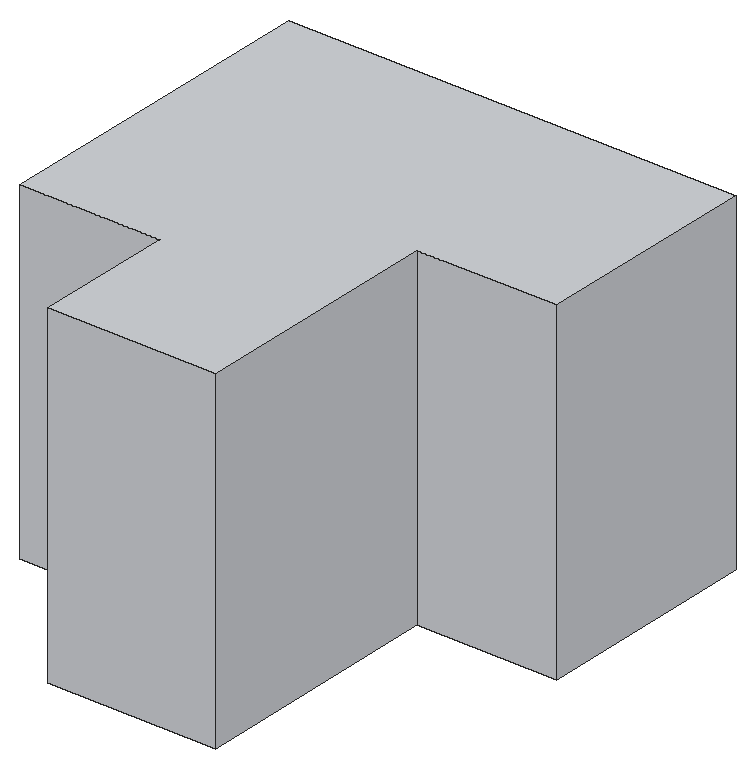
Revit family "2fca81fa127245fc81f0398af9bfb56f", category Duct Fittings, Revit 2021
Family settings
  Round Connector Dimension = Use Diameter
  Part Type = Tee
  OmniClass Number = 23.75.70.14
  OmniClass Title = Air Ductwork
  Seek Item ID = Rectangular Tee - Reducing-0000-USA-ENU
  Work Plane-Based = No
  Always vertical = Yes
  Cut with Voids When Loaded = No
  Shared = No
Parameters (values of type "Standard")
  Offset 1 [instance] = if(Duct Width 1 > Duct Width 2, ((Duct Width 1 / 2 - Duct Width 2 / 2) / 2 + Duct Width 2 / 2), ((Duct Width 2 / 2 - Duct Width 1 / 2) / 2 + Duct Width 1 / 2))  # 5"
  Duct Width 3 [instance] = 6"
  Duct Width 2 [instance] = 8"
  Duct Width 1 [instance] = 12"
  Duct Lenght 3 [instance] = if(Duct Width 1 > Duct Width 2, Duct Width 1, Duct Width 2)  # 12"
  Duct Lenght 2 [instance] = Duct Width 3 / 2 + 0' 5"  # 8"
  Duct Lenght 1 [instance] = Duct Width 3 / 2 + 0' 5"  # 8"
  Duct Height [instance] = 12"
  Default Elevation = 0' - 0"
Reference planes (in)
  plane 1 "Center (Front/Back)": y = 0
  plane 2: z = 0
  plane 3 "Center (Left/Right)": x = 0
  plane 4: y = 5
  plane 5: y = -7
  plane 6: y = -1
  plane 7: x = -8
  plane 8: x = 8
  plane 9: y = -3
  plane 10: y = 1
  plane 11: y = -12
  plane 12: x = -3
  plane 13: x = 3
Forms (in)
  Sweep 1, solid, detail levels medium+fine
    path in 3D
      loop
        line (-8, -1, 0) -> (0, -1, 0)
    profile "Rectangular Duct Profile : Duct - Rectangular 1" origin (-4, -1, 0) x (0, 1, 0) y (0, 0, 1)
      loop
        line (-6, 6) -> (-6, -6) -> (6, -6) -> (6, 6) -> (-6, 6)
  Sweep 2, solid, detail levels medium+fine
    path in 3D
      loop
        line (0, 1, 0) -> (8, 1, 0)
    profile "Rectangular Duct Profile : Duct - Rectangular 2" origin (4, 1, 0) x (0, 1, 0) y (0, 0, 1)
      loop
        line (-4, 6) -> (-4, -6) -> (4, -6) -> (4, 6) -> (-4, 6)
  Sweep 3, solid, detail levels medium+fine
    path in 3D
      loop
        line (0, -1, 0) -> (0, -12, 0)
    profile "Rectangular Duct Profile : Duct - Rectangular 3" origin (0, -6.5, 0) x (1, 0, 0) y (0, 0, 1)
      loop
        line (-3, 6) -> (-3, -6) -> (3, -6) -> (3, 6) -> (-3, 6)
  Sweep 4, solid, detail levels medium+fine
    path in 3D
      loop
        line (0, 1, 0) -> (0, -12, 0)
    profile "Rectangular Duct Profile : Duct - Rectangular 3" origin (0, -5.5, 0) x (1, 0, 0) y (0, 0, 1)
      loop
        line (-3, 6) -> (-3, -6) -> (3, -6) -> (3, 6) -> (-3, 6)
Cuts and joins
  joined: Sweep 1, Sweep 2, Sweep 3, Sweep 4
Lines and regions (in)
  reference lines
    curve 1: line (-8, -1, 0) -> (0, -1, 0)
    curve 2: line (0, 1, 0) -> (8, 1, 0)
    curve 3: line (0, 1, 0) -> (0, -12, 0)
    curve 4: line (0, -1, 0) -> (0, -12, 0)
  sketch lines
    curve 5: line (-8, -1, 0) -> (0, -1, 0)
    curve 6: line (0, 1, 0) -> (8, 1, 0)
    curve 7: line (0, -1, 0) -> (0, -12, 0)
    curve 8: line (0, 1, 0) -> (0, -12, 0)
  model lines, detail levels coarse
    curve 9: line (-8, -1, 0) -> (0, -1, 0)
    curve 10: line (0, 1, 0) -> (8, 1, 0)
    curve 11: line (0, 1, 0) -> (0, -12, 0)
    curve 12: line (0, -1, 0) -> (0, -12, 0)
Dimensions and locks (in)
  "Offset 1": plane 1 "Center (Front/Back)" to plane 4
  "Duct Width 1": plane 4 to plane 5
  equal spacing: plane 4, plane 6, plane 5
  "Duct Lenght 1": plane 7 to plane 3 "Center (Left/Right)"
  "Duct Lenght 2": plane 3 "Center (Left/Right)" to plane 8
  "Duct Width 2": plane 4 to plane 9
  equal spacing: plane 4, plane 10, plane 9
  "Duct Lenght 3": plane 11 to plane 1 "Center (Front/Back)"
  equal spacing: plane 12, plane 3 "Center (Left/Right)", plane 13
  "Duct Width 3": plane 12 to plane 13
  aligned and locked: plane 3 "Center (Left/Right)" to curve 1
  aligned and locked: plane 7 to curve 1
  aligned and locked: curve 1 to plane 6
  aligned and locked: plane 3 "Center (Left/Right)" to curve 2
  aligned and locked: plane 8 to curve 2
  aligned and locked: curve 2 to plane 10
  aligned and locked: plane 11 to curve 3
  aligned and locked: plane 6 to curve 4
  aligned and locked: plane 11 to curve 4
  aligned and locked: curve 4 to plane 3 "Center (Left/Right)"
  aligned and locked: plane 7 to curve 9
  aligned and locked: plane 3 "Center (Left/Right)" to curve 9
  aligned and locked: curve 9 to plane 6
  aligned and locked: plane 8 to curve 10
  aligned and locked: curve 10 to plane 10
  aligned and locked: plane 11 to curve 12
  aligned and locked: plane 6 to curve 12
  aligned and locked: plane 11 to curve 11
  aligned and locked: curve 11 to plane 3 "Center (Left/Right)"
Connectors (in)
  hvac at (-8, -1, 0), driven by "Duct Width 1", driven by "Duct Height"
    settings: on cut or joined group of Sweep 1, Sweep 2, Sweep 3, Sweep 4, index 1, duct flow 0 CFM, flow factor 0, pres drop 0.00 in-wg, loss coef 0, conn angle 0.00°, conn width 12", conn height 12", conn diameter 24", duct sys type 28, conn prof type 1, flow config 0, flow direction 0, loss method 0, conn ref index 2, conn util no, is conn primary yes, conn desc ""
  hvac at (8, 1, 0), driven by "Duct Height", driven by "Duct Width 2"
    settings: on cut or joined group of Sweep 1, Sweep 2, Sweep 3, Sweep 4, index 2, duct flow 0 CFM, flow factor 0, pres drop 0.00 in-wg, loss coef 0, conn angle 0.00°, conn width 8", conn height 12", conn diameter 24", duct sys type 28, conn prof type 1, flow config 0, flow direction 0, loss method 0, conn ref index 1, conn util no, is conn primary no, conn desc ""
  hvac at (0, -12, 0), driven by "Duct Height", driven by "Duct Width 3"
    settings: on cut or joined group of Sweep 1, Sweep 2, Sweep 3, Sweep 4, index 3, duct flow 0 CFM, flow factor 0, pres drop 0.00 in-wg, loss coef 0, conn angle 0.00°, conn width 6", conn height 12", conn diameter 24", duct sys type 28, conn prof type 1, flow config 0, flow direction 0, loss method 0, conn ref index -1, conn util no, is conn primary no, conn desc ""
